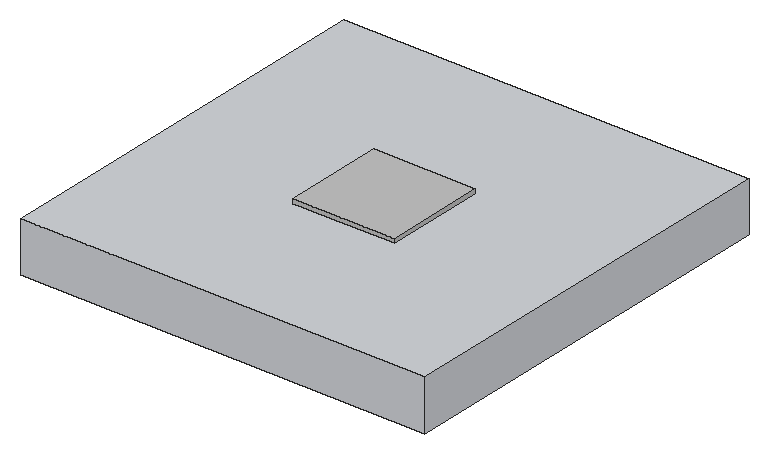
Revit family
Parameters (values of type "Sound Silencer")
  URL = "www.acousticalsurfaces.com"
  Type Comments = "Acoustical Wall and Ceiling Panels"
  Model = "Sound Silencer 2'x2'x1\""
  Manufacturer = "Acoustical Surfaces 1-800-854-2948"
  Default Elevation = 4' - 0"
  Dba Acoustical Panel = PEPP Panel
Types (3): name | URL | Type Comments | Model | Manufacturer
  (no name) | "www.acousticalsurfaces.com" | "Acoustical Wall and Ceiling Panels" | "Sound Silencer 2'x2'x1\"" | "Acoustical Surfaces 1-800-854-2948"
  DBA Acoustical Panel | "" | "" | "" | "Acoustical Surfaces "
  Sound Silencer | "www.acousticalsurfaces.com" | "Acoustical Wall and Ceiling Panels" | "Sound Silencer 2'x2'x1\"" | "Acoustical Surfaces 1-800-854-2948"
Reference planes (in)
  plane 1 "Center (Front/Back)": y = 0
  plane 2: z = 0
  plane 3 "Center (Left/Right)": x = 0
Forms (in)
  Extrusion 1, solid
    sketch origin (0, 0, 0) x (1, 0, 0) y (0, 1, 0)
      loop
        line (-48, 48) -> (-48, -48) -> (48, -48) -> (48, 48) -> (-48, 48)
    from 0 to -12
  Extrusion 2, solid, material "PEPP Panel White"
    sketch origin (0, 0, 0) x (1, 0, 0) y (0, 1, 0)
      loop
        line (-12, 12) -> (-12, -12) -> (12, -12) -> (12, 12) -> (-12, 12)
    from 0 to 1
Dimensions and locks (in)
  aligned and locked: plane 2 to Extrusion 1
  aligned and locked: level to Extrusion 1
